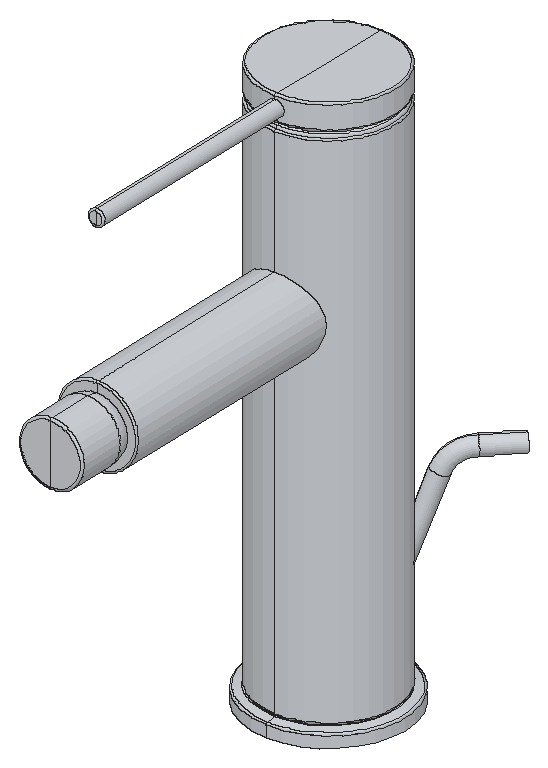
Revit family "Faucet-Bidet-KOHLER-Components-K-77982", category Plumbing Fixtures, host Face, Revit 2015
Parameters (values of type "CP-Polished Chrome")
  Width = 1 7/8"  # constant formula
  Waste Water Outlet = "Waste Water Outlet"  # constant formula
  Waste Connection = 1 = 0  # no
  Vent Connection = 1 = 0  # no
  URL = "https://www.us.kohler.com/us/"
  Type = 2
  Spout Reach = 4 1/4"  # constant formula
  Product Page URL = "http://www.us.kohler.com/us/catalog/productDetails.jsp?productNumber=77982-4A"
  Product Name = "Components"  # constant formula
  Product Documentation Link = "http://www.us.kohler.com/onlinecatalog/pdf/K-77982-4A_spec.pdf"
  Pressure = 60.00 psi  # constant formula
  Model = if(Type = 1, "K-77982-4A-BL", if(Type = 2, "K-77982-4A-CP", if(Type = 3, "K-77982-4A-TT", "NA")))  # "K-77982-4A-CP"
  Material = "Premium Metal Construction"  # constant formula
  MasterFormat 2004 = "22.41.39"  # constant formula
  MasterFormat 1995 = "15410"  # constant formula
  Manufacturer Address = "444 Highland Dr, Kohler, WI 53044"  # constant formula
  Manufacturer = "KOHLER Co."  # constant formula
  Length = Spout Reach  # 4 1/4"
  Hot Water Inlet = "Hot Water Inlet"  # constant formula
  Height = 7"  # constant formula
  Handle Clearance = 3 9/16"  # constant formula
  HW Connection = 1 = 1  # yes
  Flow Rate = 1.5 GPM  # constant formula
  Finish = Kohler-Metal-CP-Polished_Chrome
  Faucet Hole Spacing = 0"
  Environmental Product Declaration = ""
  Drain Included = 1 = 1  # yes
  Description = "Single-handle Bidet Faucet"  # constant formula
  Default Elevation = 36"
  Declare Label = ""
  Date Modified = "07/11/2018"  # constant formula
  Date Created = "07/11/2018"  # constant formula
  Copyright = "Copyright KOHLER Co."  # constant formula
  Contact Us = "https://www.us.kohler.com/us/static/contact.jsp"
  Cold Water Inlet = "Cold Water Inlet"  # constant formula
  CW Connection = 1 = 1  # yes
  Assembly Code = "D2010"
  ADA Compliant = 1 = 0  # no
Types (4): name | Type | Model | Finish
  (no name) | 2 | "K-77982-4A-CP" | Kohler-Metal-CP-Polished_Chrome
  BL-Matte Black | 1 | "K-77982-4A-BL" | Kohler-Metal-BL-Matte_Black
  CP-Polished Chrome | 2 | "K-77982-4A-CP" | Kohler-Metal-CP-Polished_Chrome
  TT-Vibrant Titanium | 3 | "K-77982-4A-TT" | Kohler-Metal-TT-Vibrant_Titanium
Reference planes (in)
  plane 1 "Center (Front/Back)": y = 0
  plane 2: z = 0
  plane 3 "Center (Left/Right)": x = 0
  plane 4: y = -4.25
  plane 5: z = 4.5625
  plane 6: x = 0.94488
  plane 7: x = -0.93012
  plane 8: z = 7
  plane 9: y = -3.5625
Dimensions and locks (in)
  "Spout Reach": plane 4 to plane 1 "Center (Front/Back)"
  plane 5 to host face = 4 9/16"
  "Width": plane 6 to plane 7
  "Height": plane 8 to level
  "Handle Clearance": plane 1 "Center (Front/Back)" to plane 9
  aligned and locked: plane 2 to host face
  aligned and locked: level to host face
Automatic sketch dimensions
  host sketch curve to host sketch curve = 96"  (x2)
Nested families (in)
  nested 1: "K-77982" at (-0.00073, 0, 0), type "K-77982"
Connectors (in)
  piping at (-0.2468, 0, 0), diameter 0.375, driven by "Flow Rate", driven by "Pressure", driven by "HW Connection", driven by "Hot Water Inlet"
    settings: on nested 1, index 1, connector inside diameter 24", connector length 0", flow factor 0, pipe flow 1.5 GPM, pressure drop 60.00 psi, fitting loss kfactor 0, connector angle 0.00°, fixture units 0, engagement length 0", angle of deflection 0.00°, flow configuration 1, flow direction 1, fitting loss method 4, system type 19, joint type 0, gender type 0, connector reference index -1, connector utility 1, adjustable connector no, is connector primary yes, connector description "Hot Water Inlet"
  piping at (0.24533, 0, 0), diameter 0.375, driven by "Flow Rate", driven by "Pressure", driven by "CW Connection", driven by "Cold Water Inlet"
    settings: on nested 1, index 2, connector inside diameter 24", connector length 0", flow factor 0, pipe flow 1.5 GPM, pressure drop 60.00 psi, fitting loss kfactor 0, connector angle 0.00°, fixture units 0, engagement length 0", angle of deflection 0.00°, flow configuration 1, flow direction 1, fitting loss method 4, system type 20, joint type 0, gender type 0, connector reference index -1, connector utility 1, adjustable connector no, is connector primary no, connector description "Cold Water Inlet"
Definition of nested family "K-77982"
  Parameters (values of type "K-77982")
    Faucet Material = none
  Reference planes (in)
    plane 1 "Center (Front/Back)": y = 0
    plane 2: z = 0
    plane 3 "Center (Left/Right)": x = 0
    plane 4 "A": through (1.35265, 1.35265, 48) normal (0.7071, -0.7071, 0)
    plane 5: y = -4.25
    plane 6: z = 4.5625
    plane 7: z = 7
    plane 8: y = -3.5625
  Forms (in)
    Revolve 1, solid, material <- "Faucet Material", detail levels medium+fine
      sketch origin (0, 0, 0) x (0, 1, 0) y (0, 0, 1)
        loop
          line (0, 0) -> (0.94488, 0) -> (0.94488, 0.13838)
          arc (0.94488, 0.13838) -> (0.9399, 0.15274) -> (0.9271, 0.16094) r 0.0232
          line (0.9271, 0.16094) -> (0.82902, 0.18451) -> (0.79548, 0.18451)
          arc (0.79548, 0.18451) -> (0.81061, 0.19042) -> (0.81693, 0.20539) r 0.02089
          line (0.81693, 0.20539) -> (0.81693, 6.59295)
          arc (0.81693, 6.59295) -> (0.81142, 6.60733) -> (0.79772, 6.61436) r 0.02154
          arc (0.79772, 6.61436) -> (0.79258, 6.63354) -> (0.77752, 6.64647) r 0.03358
          arc (0.77752, 6.64647) -> (0.71965, 6.67034) -> (0.66096, 6.69213) r 1.75417
          line (0.66096, 6.69213) -> (0.795, 6.69213)
          arc (0.795, 6.69213) -> (0.81051, 6.69855) -> (0.81693, 6.71406) r 0.02193
          line (0.81693, 6.71406) -> (0.81693, 6.98735)
          arc (0.81693, 6.98735) -> (0.81115, 7.00131) -> (0.79719, 7.00709) r 0.01974
          line (0.79719, 7.00709) -> (0, 7.00709) -> (0, 0)
        axis (0, 0) -> (0, 7.00709)
      angle from 0 to 360
    Revolve 2, solid, material <- "Faucet Material", detail levels medium+fine
      sketch origin (0, 0, 0) x (0, 1, 0) y (0, 0, 1)
        loop
          line (-4.25, 4.5625) -> (-0.51575, 4.5625) -> (-0.51575, 5.05463) -> (-3.5235, 5.05463)
          arc (-3.5235, 5.05463) -> (-3.53751, 5.04882) -> (-3.54331, 5.03482) r 0.01981
          line (-3.54331, 5.03482) -> (-3.54331, 4.92884)
          arc (-3.54331, 4.92884) -> (-3.61108, 4.94783) -> (-3.68118, 4.95424) r 0.38692
          line (-3.68118, 4.95424) -> (-4.22592, 4.95424)
          arc (-4.22592, 4.95424) -> (-4.24378, 4.94635) -> (-4.25, 4.92785) r 0.02418
          line (-4.25, 4.92785) -> (-4.25, 4.5625)
        axis (-0.51575, 4.5625) -> (-4.25, 4.5625)
      angle from 0 to 360
    Revolve 3, solid, material <- "Faucet Material", detail levels medium+fine
      sketch origin (0, 0, 0) x (0, 1, 0) y (0, 0, 1)
        loop
          line (-3.5625, 6.84961) -> (-0.75838, 6.84961) -> (-0.75838, 6.94803) -> (-3.54257, 6.94803)
          arc (-3.54257, 6.94803) -> (-3.55666, 6.94219) -> (-3.5625, 6.9281) r 0.01993
          line (-3.5625, 6.9281) -> (-3.5625, 6.84961)
        axis (-3.5625, 6.84961) -> (-0.75838, 6.84961)
      angle from 0 to 360
    Sweep 4, solid, material <- "Faucet Material", detail levels medium+fine
      path origin (0, 0, 0) x (0.707107, 0.707107, 0) y (0, 0, 1)
        loop
          line (1.91279, 2.8241) -> (1.43918, 2.8241)
          arc (1.43918, 2.8241) -> (1.15239, 2.73368) -> (0.96933, 2.49511) r 0.5
          line (0.96933, 2.49511) -> (0.49524, 1.19256)
      profile origin (1.35255, 1.35255, 2.8241) x (0, 0, -1) y (0.707107, -0.707107, 0)
        loop
          circle (0.10781, 0.00048) r 0.10869
    Extrusion 5, solid, material <- "Faucet Material", detail levels coarse
      sketch origin (0, 0, 0) x (1, 0, 0) y (0, 1, 0)
        loop
          circle (0, 0) r 0.94488
      from 0 to 7
    Extrusion 6, solid, material <- "Faucet Material", detail levels coarse
      sketch origin (0, 0, 0) x (1, 0, 0) y (0, 0, 1)
        loop
          circle (0, 4.5625) r 0.49213
      from 0 to 4.25
    Extrusion 7, solid, material <- "Faucet Material", detail levels coarse
      sketch origin (0, 0, 0) x (1, 0, 0) y (0, 0, 1)
        loop
          circle (0, 6.84961) r 0.09843
      from 0 to 3.5625
    Extrusion 8, solid, material <- "Faucet Material", detail levels medium+fine
      sketch origin (0, 0, 0) x (1, 0, 0) y (0, 1, 0)
        loop
          circle (0.24606, 0) r 0.14533
        loop
          circle (-0.24606, 0) r 0.14533
      from 0 to 0.18451
  Cuts and joins
    joined: Revolve 1, Revolve 2, Revolve 3, Sweep 4
  Lines and regions (in)
    Masking region 1
      outline origin (0, 0, 0) x (1, 0, 0) y (0, 1, 0)
        loop
          arc (0.49213, -0.80699) -> (0.93156, -0.16607) -> (0.74191, 0.58752) r 0.94488
          line (0.74191, 0.58752) -> (1.42974, 1.27535) -> (1.27603, 1.42906) -> (0.59408, 0.74712)
          arc (0.59408, 0.74712) -> (-0.7571, 0.54357) -> (-0.49213, -0.79692) r 0.9449
          line (-0.49213, -0.79692) -> (-0.49213, -3.52322)
          arc (-0.49213, -3.52322) -> (-0.48624, -3.53742) -> (-0.47204, -3.54331) r 0.02009
          line (-0.47204, -3.54331) -> (-0.36634, -3.54331)
          arc (-0.36634, -3.54331) -> (-0.38533, -3.60913) -> (-0.39174, -3.67733) r 0.36631
          line (-0.39174, -3.67733) -> (-0.39174, -4.22619)
          arc (-0.39174, -4.22619) -> (-0.38384, -4.24395) -> (-0.36536, -4.25) r 0.02394
          line (-0.36536, -4.25) -> (0.36536, -4.25)
          arc (0.36536, -4.25) -> (0.38384, -4.24395) -> (0.39174, -4.22619) r 0.02394
          line (0.39174, -4.22619) -> (0.39174, -3.67733)
          arc (0.39174, -3.67733) -> (0.38533, -3.60913) -> (0.36634, -3.54331) r 0.36631
          line (0.36634, -3.54331) -> (0.47204, -3.54331)
          arc (0.47204, -3.54331) -> (0.48624, -3.53742) -> (0.49213, -3.52322) r 0.02009
          line (0.49213, -3.52322) -> (0.49213, -0.80699)
    Masking region 2
      outline origin (0, 0, 0) x (0, 1, 0) y (0, 0, 1)
        loop
          line (0.94488, 0) -> (0.94488, 0.13825)
          arc (0.94488, 0.13825) -> (0.93986, 0.15272) -> (0.92696, 0.16098) r 0.02338
          line (0.92696, 0.16098) -> (0.82902, 0.18451) -> (0.79688, 0.18451)
          arc (0.79688, 0.18451) -> (0.81106, 0.19038) -> (0.81693, 0.20456) r 0.02005
          line (0.81693, 0.20456) -> (0.81693, 2.25402)
          arc (0.81693, 2.25402) -> (0.8421, 2.35235) -> (0.86754, 2.45062) r 37.55658
          arc (0.86754, 2.45062) -> (0.87802, 2.48156) -> (0.89283, 2.51068) r 0.22731
          arc (0.89283, 2.51068) -> (0.91128, 2.53874) -> (0.93187, 2.56526) r 0.42781
          arc (0.93187, 2.56526) -> (0.97266, 2.5965) -> (1.02282, 2.6076) r 0.11885
          line (1.02282, 2.6076) -> (1.35335, 2.6076)
          arc (1.35335, 2.6076) -> (1.37354, 2.61136) -> (1.39104, 2.62212) r 0.05616
          arc (1.39104, 2.62212) -> (1.42971, 2.7124) -> (1.39649, 2.80482) r 0.1341
          arc (1.39649, 2.80482) -> (1.37641, 2.81971) -> (1.35198, 2.82498) r 0.0592
          line (1.35198, 2.82498) -> (1.01745, 2.82498)
          arc (1.01745, 2.82498) -> (0.91093, 2.80644) -> (0.81693, 2.753) r 0.31528
          line (0.81693, 2.753) -> (0.81693, 6.59255)
          arc (0.81693, 6.59255) -> (0.81144, 6.60707) -> (0.79772, 6.61434) r 0.02196
          arc (0.79772, 6.61434) -> (0.79204, 6.63377) -> (0.77659, 6.64686) r 0.0352
          arc (0.77659, 6.64686) -> (0.71921, 6.6706) -> (0.66096, 6.69213) r 1.62576
          line (0.66096, 6.69213) -> (0.79557, 6.69213)
          arc (0.79557, 6.69213) -> (0.81067, 6.69838) -> (0.81693, 6.71349) r 0.02136
          line (0.81693, 6.71349) -> (0.81693, 6.98006)
          arc (0.81693, 6.98006) -> (0.81109, 6.99416) -> (0.79699, 7) r 0.01994
          line (0.79699, 7) -> (-0.79613, 7)
          arc (-0.79613, 7) -> (-0.81084, 6.99391) -> (-0.81693, 6.9792) r 0.0208
          line (-0.81693, 6.9792) -> (-0.81693, 6.94803) -> (-3.5625, 6.94803) -> (-3.5625, 6.75118) -> (-0.81693, 6.75118) -> (-0.81693, 6.71397)
          arc (-0.81693, 6.71397) -> (-0.81053, 6.69853) -> (-0.79508, 6.69213) r 0.02185
          line (-0.79508, 6.69213) -> (-0.66096, 6.69213)
          arc (-0.66096, 6.69213) -> (-0.71921, 6.6706) -> (-0.77659, 6.64686) r 1.62576
          arc (-0.77659, 6.64686) -> (-0.79204, 6.63377) -> (-0.79772, 6.61434) r 0.0352
          arc (-0.79772, 6.61434) -> (-0.81144, 6.60707) -> (-0.81693, 6.59255) r 0.02196
          line (-0.81693, 6.59255) -> (-0.81693, 5.05463) -> (-3.52249, 5.05463)
          arc (-3.52249, 5.05463) -> (-3.53721, 5.04853) -> (-3.54331, 5.03381) r 0.02082
          line (-3.54331, 5.03381) -> (-3.54331, 4.92884)
          arc (-3.54331, 4.92884) -> (-3.60996, 4.94783) -> (-3.67898, 4.95424) r 0.37509
          line (-3.67898, 4.95424) -> (-4.22423, 4.95424)
          arc (-4.22423, 4.95424) -> (-4.24266, 4.94653) -> (-4.25014, 4.928) r 0.02591
          line (-4.25014, 4.928) -> (-4.24986, 4.197)
          arc (-4.24986, 4.197) -> (-4.24533, 4.17879) -> (-4.22837, 4.17076) r 0.02192
          line (-4.22837, 4.17076) -> (-3.67697, 4.17076)
          arc (-3.67697, 4.17076) -> (-3.60895, 4.17715) -> (-3.54331, 4.19609) r 0.36539
          line (-3.54331, 4.19609) -> (-3.54331, 4.09059)
          arc (-3.54331, 4.09059) -> (-3.53739, 4.0763) -> (-3.52309, 4.07037) r 0.02022
          line (-3.52309, 4.07037) -> (-0.81693, 4.07037) -> (-0.81693, 2.28641) -> (-0.81693, 0.20456)
          arc (-0.81693, 0.20456) -> (-0.81106, 0.19038) -> (-0.79688, 0.18451) r 0.02005
          line (-0.79688, 0.18451) -> (-0.82902, 0.18451) -> (-0.92696, 0.16098)
          arc (-0.92696, 0.16098) -> (-0.93986, 0.15272) -> (-0.94488, 0.13825) r 0.02338
          line (-0.94488, 0.13825) -> (-0.94488, 0) -> (0.94488, 0)
    Masking region 3
      outline origin (0, 0, 0) x (1, 0, 0) y (0, 0, 1)
        loop
          line (-0.81693, 6.59399) -> (-0.81693, 0.20516)
          arc (-0.81693, 0.20516) -> (-0.81088, 0.19056) -> (-0.79628, 0.18451) r 0.02065
          line (-0.79628, 0.18451) -> (-0.82902, 0.18451) -> (-0.92677, 0.16097)
          arc (-0.92677, 0.16097) -> (-0.93981, 0.15261) -> (-0.94488, 0.13798) r 0.02365
          line (-0.94488, 0.13798) -> (-0.94488, 0) -> (0.94488, 0) -> (0.94488, 0.13798)
          arc (0.94488, 0.13798) -> (0.93981, 0.15261) -> (0.92677, 0.16097) r 0.02365
          line (0.92677, 0.16097) -> (0.82902, 0.18451) -> (0.79628, 0.18451)
          arc (0.79628, 0.18451) -> (0.81088, 0.19056) -> (0.81693, 0.20516) r 0.02065
          line (0.81693, 0.20516) -> (0.81693, 2.25279)
          arc (0.81693, 2.25279) -> (0.839, 2.3371) -> (0.85923, 2.42187) r 3.98999
          arc (0.85923, 2.42187) -> (0.86954, 2.45702) -> (0.88409, 2.49064) r 0.2967
          arc (0.88409, 2.49064) -> (0.90509, 2.52748) -> (0.92951, 2.56216) r 0.44502
          arc (0.92951, 2.56216) -> (0.97071, 2.59563) -> (1.02242, 2.6076) r 0.11771
          line (1.02242, 2.6076) -> (1.35289, 2.6076)
          arc (1.35289, 2.6076) -> (1.3794, 2.61388) -> (1.40086, 2.63067) r 0.0637
          arc (1.40086, 2.63067) -> (1.43064, 2.71627) -> (1.40086, 2.80188) r 0.13793
          arc (1.40086, 2.80188) -> (1.37737, 2.81894) -> (1.34897, 2.82498) r 0.06982
          line (1.34897, 2.82498) -> (1.018, 2.82498)
          arc (1.018, 2.82498) -> (0.91115, 2.80633) -> (0.81693, 2.7526) r 0.31548
          line (0.81693, 2.7526) -> (0.81693, 6.59399)
          arc (0.81693, 6.59399) -> (0.81137, 6.60798) -> (0.79772, 6.61433) r 0.02037
          arc (0.79772, 6.61433) -> (0.7923, 6.63366) -> (0.77693, 6.64658) r 0.03406
          arc (0.77693, 6.64658) -> (0.71923, 6.67009) -> (0.66096, 6.69213) r 2.4462
          line (0.66096, 6.69213) -> (0.79502, 6.69213)
          arc (0.79502, 6.69213) -> (0.81051, 6.69854) -> (0.81693, 6.71404) r 0.02191
          line (0.81693, 6.71404) -> (0.81693, 6.97945)
          arc (0.81693, 6.97945) -> (0.81091, 6.99398) -> (0.79638, 7) r 0.02055
          line (0.79638, 7) -> (-0.01422, 7) -> (-0.79638, 7)
          arc (-0.79638, 7) -> (-0.81091, 6.99398) -> (-0.81693, 6.97945) r 0.02055
          line (-0.81693, 6.97945) -> (-0.81693, 6.71404)
          arc (-0.81693, 6.71404) -> (-0.81051, 6.69854) -> (-0.79502, 6.69213) r 0.02191
          line (-0.79502, 6.69213) -> (-0.66096, 6.69213)
          arc (-0.66096, 6.69213) -> (-0.71923, 6.67009) -> (-0.77693, 6.64658) r 2.4462
          arc (-0.77693, 6.64658) -> (-0.7923, 6.63366) -> (-0.79772, 6.61433) r 0.03406
          arc (-0.79772, 6.61433) -> (-0.81137, 6.60798) -> (-0.81693, 6.59399) r 0.02037
    symbolic lines, detail levels medium+fine
      curve 1: line (0.09843, -0.81693, 0) -> (0.09843, -3.54217, 0)
      curve 2: line (-0.09843, -0.81693, 0) -> (-0.09843, -3.54339, 0)
      curve 3: line (0.0781, -3.5625, 0) -> (-0.07931, -3.5625, 0)
      curve 4: arc (-0.09843, -3.54339, 0) -> (-0.09283, -3.5569, 0) -> (-0.07931, -3.5625, 0) r 0.01911
      curve 5: arc (0.09843, -3.54217, 0) -> (0.09247, -3.55655, 0) -> (0.0781, -3.5625, 0) r 0.02033
      curve 6: line (0.36634, -3.54331, 0) -> (0.09839, -3.54331, 0)
      curve 7: line (-0.36634, -3.54331, 0) -> (-0.09843, -3.54331, 0)
      curve 8: line (0.58722, 0.74025, 0) -> (0.50467, 0.6577, 0)
      curve 9: line (0.74085, 0.58646, 0) -> (0.65829, 0.5039, 0)
      curve 10: arc (-0.49213, -0.66714, 0) -> (0, 0.82902, 0) -> (0.49213, -0.66714, 0) r 0.82902
      curve 11: circle (0, 0, 0) r 0.81693 normal (0, 0, 1)
      curve 12: line (-0.49213, -0.80661, 0) -> (-0.49213, -0.65206, 0)
      curve 13: line (0.49213, -0.80661, 0) -> (0.49213, -0.65206, 0)
      curve 14: line (0, 0.79772, 6.61434) -> (0, -0.79772, 6.61434)
      curve 15: line (0, 0.66096, 6.69213) -> (0, -0.66096, 6.69213)
      curve 16: arc (0, -0.81693, 6.94803) -> (0, -0.81004, 6.84961) -> (0, -0.81693, 6.75118) r 0.70603
      curve 17: line (0, -0.81693, 5.05484) -> (0, -0.81693, 4.07059)
      curve 18: line (0, -3.54331, 4.8939) -> (0, -3.54331, 4.16115)
      curve 19: line (0, -0.79688, 0.18451) -> (0, 0.79688, 0.18451)
      curve 20: line (0, 0.81693, 2.753) -> (0, 0.81693, 2.25402)
      curve 21: line (-0.66096, 0, 6.69213) -> (0.66096, 0, 6.69213)
      curve 22: line (-0.79772, 0, 6.61436) -> (0.79772, 0, 6.61436)
      curve 23: circle (0, 0, 6.84961) r 0.09843 normal (0, -1, 0)
      curve 24: line (0.81693, 0, 2.7526) -> (0.81693, 0, 2.25279)
      curve 25: line (-0.79548, 0, 0.18451) -> (0.79628, 0, 0.18451)
      curve 26: circle (0, 0, 4.5625) r 0.49213 normal (0, -1, 0)
      curve 27: circle (0, 0, 4.5625) r 0.3655 normal (0, 1, 0)
      curve 28: circle (0, 0, 4.5625) r 0.39152 normal (0, -1, 0)
  Dimensions and locks (in)
    plane 5 to plane 1 "Center (Front/Back)" = 4 1/4"
    plane 6 to level = 4 9/16"
    plane 7 to level = 7"
    plane 1 "Center (Front/Back)" to plane 8 = 3 9/16"
    aligned and locked: plane 2 to level
